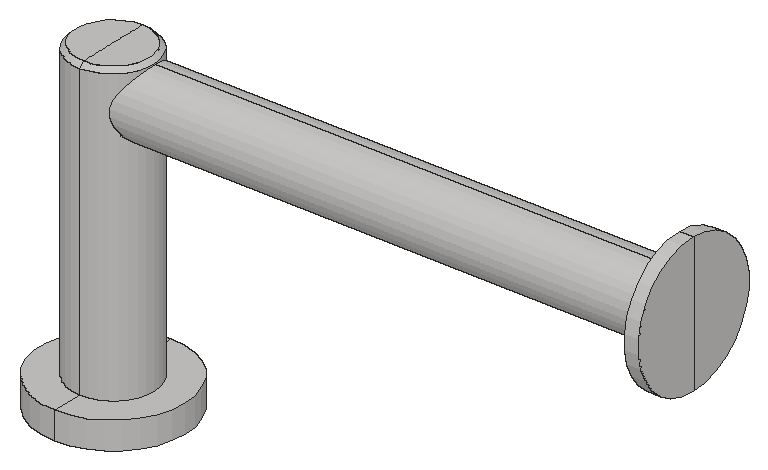
Revit family "Toilet_Roll_Holder-Bobrick-Fino-B-9543", category Specialty Equipment, host Face, Revit 2018
Family settings
  Host = Face
  Round Connector Dimension = Use Diameter
  Part Type = Normal
  OmniClass Number = 23.40.20.21
  OmniClass Title = Toilet and Bath Specialties
  Cut with Voids When Loaded = No
  Shared = Yes
  Room Calculation Point = No
Parameters (values of type "B-9543")
  URL = "https://www.bobrick.com/"
  Type Comments = ""
  Retaining Disc Diameter = 1 1/4"
  Price = "Prices may vary. Please consult Manufacturer Representative for most up-to-date price list."  # constant formula
  Post Diameter = 3/4"
  Mounting Height From Floor = 26"
  Model = "B-9543"
  Material = "Stainless_Steel-Bobrick-Type_303-Satin_Finish"
  Manufacturer = "Bobrick"
  Length Of Post From Wall = 2 15/16"
  Installation Type = "Wall Mounted"
  Flange Cover Thickness Total = 1/4"
  Flange Cover Radius = Flange Cover Diameter / 2  # 21/32"
  Flange Cover Diameter = 1 5/16"
  Finish = Stainless_Steel-Bobrick-Type_303-Satin_Finish
  Dispenser Bar Length = 5 5/8"
  Dispenser Bar Diameter = 5/8"
  Description = "Fino Collection Toilet Roll Holder"
  Default Elevation = 0"
  Creation Date = "05/19/2021"  # constant formula
  Assembly Code = "C1030200"
Reference planes (in)
  plane 1 "Center (Front/Back)": y = 0
  plane 2: z = 0
  plane 3 "Center (Left/Right)": x = 0
  plane 4: z = 2.9375
  plane 5: y = 25.34375
  plane 6: y = 26
  plane 7: y = 24.6875
  plane 8: y = 24.96875
  plane 9: y = 25.71875
  plane 10: z = 2.58398
  plane 11: x = -0.375
  plane 12: x = 5.25
  plane 13: z = 2.89648
  plane 14: z = 2.27148
  plane 15: z = 3.20898
  plane 16: z = 1.95898
Forms (in)
  Revolve 1, solid, material "Stainless_Steel-Bobrick-Type_303-Satin_Finish" <- "Finish"
    sketch origin (0, 64.30143, 0) x (0, -1, 0) y (0, 0, -1)
      loop
        line (38.95768, 0) -> (38.30143, 0) -> (38.30143, -0.25) -> (38.58268, -0.25) -> (38.58268, -2.89669) -> (38.62349, -2.9375) -> (38.95768, -2.9375) -> (38.95768, 0)
      axis (38.95768, -2.9375) -> (38.95768, 0)
    angle from 0 to 360
  Revolve 2, void
    sketch origin (0, 73.07442, 0) x (0, -1, 0) y (0, 0, -1)
      loop
        line (47.73067, -0.62455) -> (47.73067, -0.52455) -> (47.07442, -0.52455) -> (47.07442, -0.62455) -> (47.73067, -0.62455)
      axis (47.07442, -0.62455) -> (47.73067, -0.62455)
    angle from 0 to 360
  Revolve 3, solid, material "Stainless_Steel-Bobrick-Type_303-Satin_Finish" <- "Finish"
    sketch origin (23.96867, 25.34375, 0) x (1, 0, 0) y (0, 0, -1)
      loop
        line (-18.71867, -2.58398) -> (-23.96867, -2.58398) -> (-23.96867, -2.89648) -> (-18.84367, -2.89648) -> (-18.84367, -3.20898) -> (-18.71867, -3.20898) -> (-18.71867, -2.58398)
      axis (-18.71867, -2.58398) -> (-23.96867, -2.58398)
    angle from 0 to 360
Cuts and joins
  Revolve 2 cuts Revolve 1
Lines and regions (in)
  Masking region 1
    outline origin (23.96867, 11.9375, 0) x (1, 0, 0) y (0, 0, -1)
      loop
        line (-23.31242, 0) -> (-24.62492, 0) -> (-24.62492, -0.25) -> (-24.34367, -0.25) -> (-24.34367, -2.89669) -> (-24.30286, -2.9375) -> (-23.63469, -2.9375) -> (-23.59367, -2.89648) -> (-18.84367, -2.89648) -> (-18.84367, -3.20898) -> (-18.71867, -3.20898) -> (-18.71867, -1.95898) -> (-18.84367, -1.95898) -> (-18.84367, -2.27148) -> (-23.59367, -2.27148) -> (-23.59367, -0.25) -> (-23.31242, -0.25) -> (-23.31242, 0)
  symbolic lines, detail levels medium+fine
    curve 1: line (-0.65625, 11.9375, 0.25) -> (0.59375, 11.9375, 0.25)
    curve 2: line (5.125, 11.9375, 3.20898) -> (5.125, 11.9375, 1.95898)
  symbolic lines, detail levels fine
    curve 3: line (-0.37618, 11.9375, 2.89648) -> (5.125, 11.9375, 2.89648)
    curve 4: circle (0, 11.9375, 0.62455) r 0.1 normal (0, 1, 0)
Dimensions and locks (in)
  host face to plane 4 = 2 15/16"
  "Length Of Post From Wall": plane 4 to host face
  "Flange Cover Diameter": plane 7 to plane 6
  locked: Revolve 2 sketch curve to Revolve 2 sketch curve at 0.1
  "Mounting Height From Floor": plane 1 "Center (Front/Back)" to plane 6
  equal spacing: plane 7, plane 5, plane 6
  equal spacing: plane 8, plane 5, plane 9
  "Post Diameter": plane 8 to plane 9
  locked: Revolve 3 sketch curve to Revolve 3 sketch curve at 0.625
  equal spacing: plane 14, plane 10, plane 13
  "Dispenser Bar Diameter": plane 14 to plane 13
  equal spacing: plane 16, plane 10, plane 15
  "Retaining Disc Diameter": plane 16 to plane 15
  "Dispenser Bar Length": plane 11 to plane 12
  aligned and locked: plane 2 to host face
  aligned and locked: level to host face
  aligned and locked: Revolve 1 sketch curve to plane 5
  aligned and locked: plane 4 to Revolve 1 sketch curve
  aligned and locked: Revolve 1 sketch curve to host face
  aligned and locked: Revolve 1 sketch curve to plane 6
  aligned and locked: Revolve 2 sketch curve to plane 6
  aligned and locked: Revolve 2 sketch curve to plane 5
  aligned and locked: Revolve 1 sketch curve to plane 9
  aligned and locked: plane 10 to Revolve 3 sketch curve
  aligned and locked: plane 13 to Revolve 3 sketch curve
  aligned and locked: Revolve 3 sketch curve to plane 15
  aligned and locked: plane 5 to Revolve 3
  aligned and locked: Masking region 1 sketch curve to cut or joined group of Revolve 1, Revolve 2
  aligned and locked: host face to Masking region 1 sketch curve
  aligned and locked: plane 11 to Masking region 1 sketch curve
  aligned and locked: Masking region 1 sketch curve to plane 4
  aligned and locked: plane 13 to Masking region 1 sketch curve
  aligned and locked: Masking region 1 sketch curve to plane 14
  aligned and locked: Masking region 1 sketch curve to plane 15
  aligned and locked: Masking region 1 sketch curve to plane 16
  aligned and locked: Revolve 3 to Masking region 1 sketch curve
  aligned and locked: Masking region 1 sketch curve to Revolve 3
  aligned and locked: plane 12 to Masking region 1 sketch curve
  aligned and locked: curve 1 to cut or joined group of Revolve 1, Revolve 2
  aligned and locked: curve 2 to Revolve 3
  aligned and locked: curve 3 to plane 13
  aligned and locked: curve 4 to cut or joined group of Revolve 1, Revolve 2
Automatic sketch dimensions
  host sketch curve to host sketch curve = 96"
  host sketch curve to host sketch curve = 118"
  Revolve 2 sketch curve to Revolve 2 sketch curve = 0.39635"
  Revolve 2 sketch curve to Revolve 2 sketch curve = 0.17895"
  Revolve 1 sketch curve to plane 5 = 0"
  Revolve 1 sketch curve to plane 4 = 0.04081"
  level to Revolve 1 sketch curve = 1/4"
  Revolve 1 sketch curve to Revolve 1 sketch curve = 0.04081"
  Revolve 1 sketch curve to Revolve 1 sketch curve = 3.79081"
  Revolve 1 sketch curve to Revolve 1 sketch curve = 3 3/4"
  level to Revolve 2 sketch curve = 0.62455"
  Revolve 2 sketch curve to Revolve 2 sketch curve = 0"
  Revolve 3 sketch curve to plane 3 "Center (Left/Right)" = 0"
  plane 12 to Revolve 3 sketch curve = 0"
  Revolve 3 sketch curve to Revolve 3 sketch curve = 1/8"
  Revolve 3 sketch curve to Revolve 3 sketch curve = 3/4"
  Revolve 3 sketch curve to Revolve 3 sketch curve = 3/8"
  Masking region 1 sketch curve to plane 11 = 9/32"
  plane 11 to Masking region 1 sketch curve = 0.04081"
  plane 3 "Center (Left/Right)" to Masking region 1 sketch curve = 0.33398"
  plane 3 "Center (Left/Right)" to Masking region 1 sketch curve = 3/8"
  Masking region 1 sketch curve to Masking region 1 sketch curve = 0.04102"
  Masking region 1 sketch curve to Masking region 1 sketch curve = 9/32"
  Masking region 1 sketch curve to plane 13 = 0.0002"
  level to Masking region 1 sketch curve = 1/4"
  curve 2 to plane 15 = 0"
  curve 2 to plane 16 = 0"
  curve 3 to plane 11 = 0.00118"
  curve 1 to plane 11 = 9/32"
  plane 3 "Center (Left/Right)" to curve 1 = 19/32"
